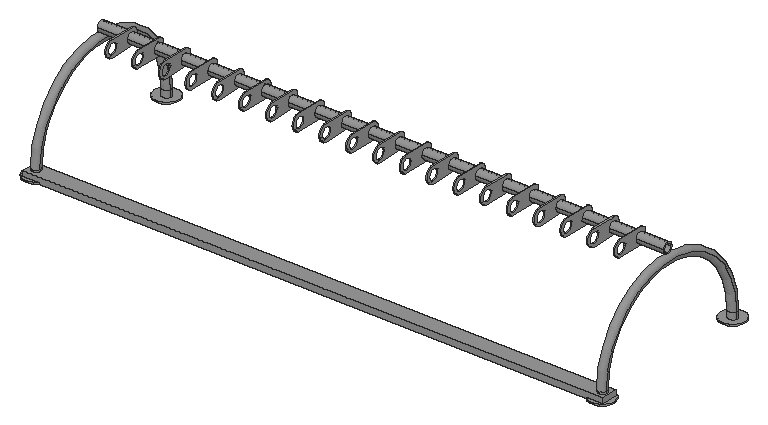
Revit family "14726 Парковка для самокатов «Юность» Хоббика", category Антураж, Revit 2018
Family settings
  На основе рабочей плоскости = Нет
  Всегда вертикально = Да
  При загрузке вырезать с полостями = Нет
  Источник визуального образа = Геометрия семейства
  Общий = Нет
  Точка расчета площади = Нет
Parameters (values of type "20 мест")
  Ширина = 700 mm  # constant formula
  Цвет каркаса = Сталь
  Описание = if([13 мест], "Парковка для самокатов «Юность». Версия на 13 мест", "Парковка для самокатов «Юность». Версия на 20 мест")  # "Парковка для самокатов «Юность». Версия на 20 мест"
  Материал изделия = "Сталь"  # constant formula
  Кол-во мест = if([13 мест], 13, 20)  # 20
  Изображение типоразмера = Парковка для самокатов «Юность» Арт 14726.jpg
  Изготовитель = "ООО «Хоббика»"  # constant formula
  Длина = if([13 мест], 1500 mm, 2310 mm)  # 2310 mm
  Группа модели = "Велопарковки"  # constant formula
  Высота = 435 mm  # constant formula
  Артикул товара = "Арт. 14726"  # constant formula
  URL = "https://hobbyka.ru/product/parkovka_dlya_samokatov_yunost/"
  20 мест = not([13 мест])  # yes
  13 мест = no
Types (3, lengths in mm): name | Описание | Кол-во мест | Длина | 20 мест | 13 мест
  (no name) | "Парковка для самокатов «Юность». Версия на 20 мест" | 20 | 2310 | yes | no
  13 мест | "Парковка для самокатов «Юность». Версия на 13 мест" | 13 | 1500 | no | yes
  20 мест | "Парковка для самокатов «Юность». Версия на 20 мест" | 20 | 2310 | yes | no
Reference planes
  plane 1 "По центру (Вперед/Назад)": y = 0
  plane 2: z = 0
  plane 3 "По центру (Влево/Вправо)": x = 0
  plane 4: y = 700
  plane 5: x = 2310
  plane 6: z = 435
  plane 7: x = 17.5
  plane 8: x = 2292.5
  plane 9: x = 2192.5
  plane 10: x = 117.5
Forms (mm)
  Extrusion 1, solid, material "Сталь" <- "Цвет каркаса"
    sketch origin (0, 0, 0) x (1, 0, 0) y (0, 1, 0)
      loop
        line (-27.5, -15) -> (2337.5, -15) -> (2337.5, 50) -> (-27.5, 50) -> (-27.5, -15)
    from 0 to 25
  Extrusion 2, solid, material "Сталь" <- "Цвет каркаса"
    sketch origin (0, 0, 0) x (0, 1, 0) y (0, 0, 1)
      loop
        circle (351.227, 402.5) r 20
      loop
        circle (351.227, 402.5) r 18
    from 0 to 2310
Dimensions and locks
  "Длина": plane 3 "По центру (Влево/Вправо)" to plane 5
  "Ширина": plane 4 to plane 1 "По центру (Вперед/Назад)"
  locked: plane 5 to Extrusion 1 sketch curve at 27.5
  locked: Extrusion 1 sketch curve to plane 3 "По центру (Влево/Вправо)" at 27.5
  "Высота": plane 6 to plane 2
  locked: plane 7 to plane 10 at 100
  locked: plane 9 to plane 8 at 100
  equal spacing: group 1, group 3, group 4, group 5, group 6, group 7, group 8, group 9, group 10, group 11, group 12, group 13, group 14, group 15, group 16, group 17, group 18, group 19, group 20, group 2  (x3)
  locked: plane 8 to plane 5 at 17.5
  aligned and locked: level to plane 2
  aligned and locked: plane 1 "По центру (Вперед/Назад)" to nested 1
  aligned and locked: plane 3 "По центру (Влево/Вправо)" to nested 2
  aligned and locked: plane 5 to nested 3
  aligned and locked: plane 1 "По центру (Вперед/Назад)" to nested 2
  aligned and locked: plane 1 "По центру (Вперед/Назад)" to nested 3
  aligned and locked: Extrusion 2 to plane 3 "По центру (Влево/Вправо)"
  aligned and locked: plane 5 to Extrusion 2
  aligned and locked: nested 1 to plane 10
  aligned and locked: nested 4 to plane 9
Automatic sketch dimensions
  plane 1 "По центру (Вперед/Назад)" to Extrusion 1 sketch curve = 15 mm
  Extrusion 1 sketch curve to plane 1 "По центру (Вперед/Назад)" = 50 mm
  Extrusion 2 sketch curve to plane 6 = 32.5 mm
  Extrusion 2 sketch curve to plane 4 = 348.773 mm
  Extrusion 2 sketch curve to Extrusion 2 sketch curve = 20 mm
  Extrusion 2 sketch curve to Extrusion 2 sketch curve = 2 mm
  Extrusion 2 sketch curve to Extrusion 2 sketch curve = 0 mm  (x2)
Nested families
  nested 1: "Парковка для самокатов «Юность» Арт 14726 опора" at (117.5, 0, 0), type "Парковка для самокатов «Юность» Арт 14726 опора"
  nested 2: "Парковка для самокатов «Юность» Арт 14726 опора крайняя" at (0, 0, 0), type "Парковка для самокатов «Юность» Арт 14726 опора крайняя"
  nested 3: "Парковка для самокатов «Юность» Арт 14726 опора крайняя" at (2310, 0, 0), type "Парковка для самокатов «Юность» Арт 14726 опора крайняя"
  nested 4: "Парковка для самокатов «Юность» Арт 14726 опора" at (2192.5, 0, 0), type "Парковка для самокатов «Юность» Арт 14726 опора"
  nested 5: "Парковка для самокатов «Юность» Арт 14726 опора" at (226.711, 0, 0), type "Парковка для самокатов «Юность» Арт 14726 опора"
  nested 6: "Парковка для самокатов «Юность» Арт 14726 опора" at (335.921, 0, 0), type "Парковка для самокатов «Юность» Арт 14726 опора"
  nested 7: "Парковка для самокатов «Юность» Арт 14726 опора" at (445.132, 0, 0), type "Парковка для самокатов «Юность» Арт 14726 опора"
  nested 8: "Парковка для самокатов «Юность» Арт 14726 опора" at (554.342, 0, 0), type "Парковка для самокатов «Юность» Арт 14726 опора"
  nested 9: "Парковка для самокатов «Юность» Арт 14726 опора" at (663.553, 0, 0), type "Парковка для самокатов «Юность» Арт 14726 опора"
  nested 10: "Парковка для самокатов «Юность» Арт 14726 опора" at (772.763, 0, 0), type "Парковка для самокатов «Юность» Арт 14726 опора"
  nested 11: "Парковка для самокатов «Юность» Арт 14726 опора" at (881.974, 0, 0), type "Парковка для самокатов «Юность» Арт 14726 опора"
  nested 12: "Парковка для самокатов «Юность» Арт 14726 опора" at (991.184, 0, 0), type "Парковка для самокатов «Юность» Арт 14726 опора"
  nested 13: "Парковка для самокатов «Юность» Арт 14726 опора" at (1100.395, 0, 0), type "Парковка для самокатов «Юность» Арт 14726 опора"
  nested 14: "Парковка для самокатов «Юность» Арт 14726 опора" at (1209.605, 0, 0), type "Парковка для самокатов «Юность» Арт 14726 опора"
  nested 15: "Парковка для самокатов «Юность» Арт 14726 опора" at (1318.816, 0, 0), type "Парковка для самокатов «Юность» Арт 14726 опора"
  nested 16: "Парковка для самокатов «Юность» Арт 14726 опора" at (1428.026, 0, 0), type "Парковка для самокатов «Юность» Арт 14726 опора"
  nested 17: "Парковка для самокатов «Юность» Арт 14726 опора" at (1537.237, 0, 0), type "Парковка для самокатов «Юность» Арт 14726 опора"
  nested 18: "Парковка для самокатов «Юность» Арт 14726 опора" at (1646.447, 0, 0), type "Парковка для самокатов «Юность» Арт 14726 опора"
  nested 19: "Парковка для самокатов «Юность» Арт 14726 опора" at (1755.658, 0, 0), type "Парковка для самокатов «Юность» Арт 14726 опора"
  nested 20: "Парковка для самокатов «Юность» Арт 14726 опора" at (1864.868, 0, 0), type "Парковка для самокатов «Юность» Арт 14726 опора"
  nested 21: "Парковка для самокатов «Юность» Арт 14726 опора" at (1974.079, 0, 0), type "Парковка для самокатов «Юность» Арт 14726 опора"
  nested 22: "Парковка для самокатов «Юность» Арт 14726 опора" at (2083.289, 0, 0), type "Парковка для самокатов «Юность» Арт 14726 опора"
Definition of nested family "Парковка для самокатов «Юность» Арт 14726 опора"
  Parameters (values of type "Парковка для самокатов «Юность» Арт 14726 опора")
    Цвет каркаса = none
    Height = 0 mm
  Reference planes
    plane 1 "По центру (Вперед/Назад)": y = 0
    plane 2: z = 0
    plane 3 "По центру (Влево/Вправо)": x = 0
    plane 4: y = 700
    plane 5: z = 435
  Forms (mm)
    Extrusion 1, solid, material <- "Цвет каркаса"
      sketch origin (0, 0, 0) x (0, 1, 0) y (0, 0, 1)
        loop
          line (359.977, 435) -> (257.477, 435)
          arc (257.477, 435) -> (224.977, 402.5) -> (257.477, 370) r 32.5
          line (257.477, 370) -> (359.977, 370)
          arc (359.977, 370) -> (374.119, 375.858) -> (379.977, 390) r 20
          line (379.977, 390) -> (379.977, 415)
          arc (379.977, 415) -> (374.119, 429.142) -> (359.977, 435) r 20
        loop
          circle (257.477, 402.5) r 22.5
        loop
          circle (351.227, 402.5) r 20
      from -2.5 to 2.5
  Dimensions and locks
    plane 5 to level = 435 mm
    aligned and locked: level to plane 2
Definition of nested family "Парковка для самокатов «Юность» Арт 14726 опора крайняя"
  Parameters (values of type "Парковка для самокатов «Юность» Арт 14726 опора крайняя")
    Цвет каркаса = none
    Height = 0 mm
  Reference planes
    plane 1 "По центру (Вперед/Назад)": y = 0
    plane 2: z = 0
    plane 3 "По центру (Влево/Вправо)": x = 0
    plane 4: y = 700
    plane 5: z = 435
  Forms (mm)
    Sweep 1, solid, material <- "Цвет каркаса"
      path origin (0, 0, 0) x (0, 1, 0) y (0, 0, 1)
        loop
          line (700, 0) -> (700, 32.538)
          arc (700, 32.538) -> (350, 382.538) -> (0, 32.538) r 350
          line (0, 32.538) -> (0, 0)
      profile origin (0, 350, 382.538) x (0, 0, -1) y (1, 0, 0)
        loop
          circle (17.5, 0) r 17.5
    Extrusion 2, solid, material <- "Цвет каркаса"
      sketch origin (0, 0, 0) x (1, 0, 0) y (0, 1, 0)
        loop
          circle (0, 682.5) r 17.5
        loop
          circle (0, 682.5) r 50
        loop
          circle (0, 17.5) r 17.5
        loop
          circle (0, 17.5) r 50
      from 0 to 5
  Dimensions and locks
    plane 5 to level = 435 mm
    aligned and locked: level to plane 2
